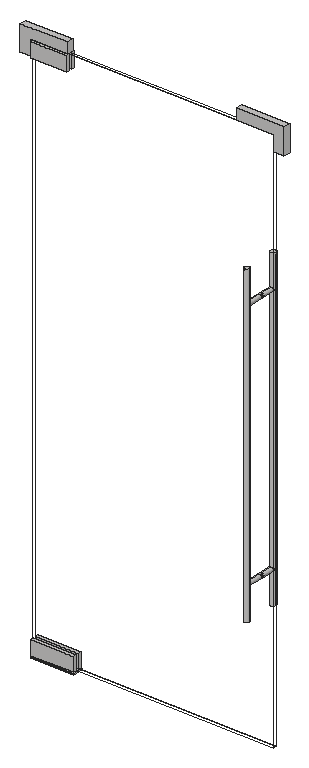
Revit family "Doors_Swing_Avanti_Systems_Pivot-Frameless-Single-Swing-Door-Sgl-Glazed", category Doors, Revit 2015 (continued)
Definition of nested family "Pivot Door Top Free Swing Pivot"
  Parameters (values of type "Glass Thickness 8.0 mm")
    Product Guid = "7bd65d41-e2c5-4b08-8bdf-08c516c9f22f"
    OmniClass Description = ""
    OmniClass Code = ""
    Nominal width = 6.5748"
    Nominal height = 2.20472"
    NBS Reference Description = ""
    NBS Reference Code = ""
    Model = "Top Hinge Unica 100E20"
    Material secondary = "Steel"
    Material main = "Aluminium"
    Masterformat 2014 Description = ""
    Masterformat 2014 Code = ""
    Manufacturer name = "Colcom"
    Manufacturer country = "Italy"
    Manufacturer = "Colcom"
    Keynote = "08700"
    Installation instructions = ""
    IFC Classification = ""
    Glass Thickness Control [instance] = 0.31496"
    Glass Thickness = 0"
    Edition number = 1
    EAN code = ""
    Design country = "Italy"
    Description = "Top hinge for Hydraulic Hinge 101E10/101E10NF/101E10SF/101E10L"
    Default Elevation = 0"
    Date of publishing = ""
    COBIe Type Category = ""
    Brand url = ""
    BIMobject main category code = ""
    BIMobject main category = ""
    BIMobject category code = ""
    BIMobject category = ""
    Assembly Code = "C1020410"
  Reference planes (in)
    plane 1 "Center (Front/Back)": y = 0
    plane 2: z = 0
    plane 3 "Center (Left/Right)": x = 0
    plane 4: y = 2.31496
    plane 5: y = -0.41339
    plane 6: y = 0.11024
    plane 7: x = 5.5
    plane 8: z = 0.45276
    plane 9: z = -0.31496
    plane 10: z = -0.76772
    plane 11: z = -0.15748
    plane 12: z = 0.6122
    plane 13: z = -0.92717
    plane 14: x = 4.24005
    plane 15: x = 0.20769
    plane 16: x = 5.09646
    plane 17: y = 1.73622
    plane 18: x = 4.3878
    plane 19: x = 2.22678
    plane 20: z = 0.46594
    plane 21: z = -0.7809
    plane 22: x = 1.60336
    plane 23: x = 2.85019
    plane 24: y = -1.59449
    plane 25: x = 0.72835
    plane 26: x = 3.72521
    plane 27: y = -0.80709
    plane 28: y = 1.98032
    plane 29: y = 0.60237
    plane 30: z = 0.25001
    plane 31: z = -0.56497
    plane 32: x = 5.53937
    plane 33: x = -0.03937
    plane 34: y = 1.2126
    plane 35: y = 0.41339
    plane 36: y = 0.68898
    plane 37: y = 2.23622
  Forms (in)
    Extrusion 1, solid
      sketch origin (0, 0, 0) x (1, 0, 0) y (0, 1, 0)
        loop
          line (-48, 48) -> (-48, -48) -> (48, -48) -> (48, 48) -> (-48, 48)
      from 0 to -12
    Extrusion 2, solid, material <- "Product Material"
      sketch origin (3.06299, -180, -0.5315) x (-1, 0, 0) y (0, -1, 0)
        loop
          line (-2.43701, -182.31496) -> (3.06299, -182.31496) -> (3.06299, -180.11024) -> (-2.43701, -180.11024) -> (-2.43701, -182.31496)
      from -0.23622 to 0.21654
    Extrusion 3, solid, material <- "Product Material"
      sketch origin (3.06299, -180, -0.5315) x (-1, 0, 0) y (0, -1, 0)
        loop
          line (-2.43701, -182.31496) -> (3.06299, -182.31496) -> (3.06299, -180.11024) -> (-2.43701, -180.11024) -> (-2.43701, -182.31496)
      from 0.5315 to 0.98425
    Extrusion 4, solid, material <- "Product Material"
      sketch origin (3.06299, -180, -0.5315) x (-1, 0, 0) y (0, -1, 0)
        loop
          line (2.85531, -182.31496) -> (2.85531, -180.68898) -> (-2.03346, -180.68898) -> (-2.03346, -182.31496) -> (2.85531, -182.31496)
      from 0.21654 to 0.5315
  Dimensions and locks (in)
    plane 5 to plane 1 "Center (Front/Back)" to plane 4 = 0.41339" locked, 2.31496" locked
    locked: plane 1 "Center (Front/Back)" to plane 6 at 0.11024
    locked: plane 8 to level at 0.45276
    locked: plane 9 to plane 10 at 0.45276
    "Glass Thickness Control": level to plane 9
    equal spacing: level, plane 11, plane 9
    plane 12 to plane 11 to plane 13 = 0.76969" locked, 0.76969" locked
    locked: plane 17 to plane 4 at 0.57874
    locked: plane 16 to plane 7 at 0.40354
    locked: plane 18 to plane 16 at 0.70866
    locked: plane 19 to plane 3 "Center (Left/Right)" at 2.22678
    plane 20 to plane 11 to plane 21 = 0.62342" locked, 0.62342" locked
    plane 22 to plane 19 to plane 23 = 0.62342" locked, 0.62342" locked
    locked: plane 24 to plane 5 at 1.1811
    locked: plane 15 to plane 25 at 0.52066
    locked: plane 26 to plane 14 at 0.51485
    locked: plane 24 to plane 27 at 0.7874
    plane 1 "Center (Front/Back)" to plane 29 to plane 17 = 0.60237", 1.13386"
    locked: plane 9 to plane 31 at 0.25001
    locked: plane 30 to level at 0.25001
    locked: plane 7 to plane 32 at 0.03937
    locked: plane 33 to plane 3 "Center (Left/Right)" at 0.03937
    equal spacing: plane 6, plane 34, plane 4
    locked: plane 36 to plane 6 at 0.57874
    locked: plane 37 to plane 4 at 0.07874
    Extrusion 3 to Extrusion 3 = 5 1/2"
    locked: plane 7 to plane 33 at 5.53937
    aligned and locked: plane 2 to Extrusion 1
    aligned and locked: level to Extrusion 1
    aligned and locked: Extrusion 2 sketch curve to plane 4
    aligned and locked: Extrusion 2 sketch curve to plane 3 "Center (Left/Right)"
    aligned and locked: Extrusion 2 sketch curve to plane 6
    aligned and locked: Extrusion 2 sketch curve to plane 7
    aligned and locked: Extrusion 3 sketch curve to plane 4
    aligned and locked: Extrusion 3 sketch curve to plane 3 "Center (Left/Right)"
    aligned and locked: Extrusion 3 sketch curve to plane 6
    aligned and locked: Extrusion 3 sketch curve to plane 7
    aligned and locked: Extrusion 3 to level
    aligned and locked: plane 8 to Extrusion 3
    aligned and locked: plane 9 to Extrusion 2
    aligned and locked: plane 10 to Extrusion 2
    aligned and locked: Extrusion 4 sketch curve to plane 16
    aligned and locked: Extrusion 4 sketch curve to plane 15
    aligned and locked: Extrusion 4 to plane 9
    aligned and locked: level to Extrusion 4
    aligned and locked: plane 4 to Extrusion 4 sketch curve
    aligned and locked: plane 36 to Extrusion 4 sketch curve
  Automatic sketch dimensions
    Extrusion 1 sketch curve to Extrusion 1 sketch curve = 96"  (x2)
Definition of nested family "Recessed Floor Closer - Elevation"
  Reference planes (in)
    plane 1 "Center (Front/Back)": y = 0
    plane 2: z = 0
    plane 3 "Center (Left/Right)": x = 0
  Lines and regions (in)
    model lines, in view "Ref. Level"
      curve 1: line (7.18456, 0, 0) -> (7.53314, 0, 0)
      curve 2: line (-2.0721, -0.11624, 0) -> (-3.00164, -0.11624, 0)
      curve 3: line (8.89669, -0.11624, 0) -> (8.38522, -0.11624, 0)
      curve 4: line (-1.84, 0, 0) -> (-1.55577, 0, 0)
      curve 5: line (-1.55577, 0, 0) -> (-1.49142, 0, 0)
      curve 6: arc (0.61969, 0, 0) -> (0.65371, -0.08219, 0) -> (0.73589, -0.11624, 0) r 0.11619
      curve 7: arc (-0.73589, -0.11624, 0) -> (-0.65372, -0.08221, 0) -> (-0.61969, -0.00005, 0) r 0.11619
      curve 8: line (8.32712, -0.11624, 0) -> (8.32712, -2.22707, 0)
      curve 9: line (8.32712, -2.22707, 0) -> (-2.014, -2.22707, 0)
      curve 10: line (-2.014, -2.22707, 0) -> (-2.014, -0.11624, 0)
      curve 11: arc (4.93697, -0.32926, 0) -> (5.02675, -0.36198, 0) -> (5.12145, -0.37467, 0) r 0.44269
      curve 12: arc (6.01869, -0.50358, 0) -> (5.97995, -0.40943, 0) -> (5.88426, -0.37467, 0) r 0.12595
      curve 13: arc (-0.98859, -2.01405, 0) -> (-1.01198, -1.96981, 0) -> (-1.05754, -1.9491, 0) r 0.07746
      curve 14: arc (2.23102, -1.9324, 0) -> (2.26915, -1.91661, 0) -> (2.28494, -1.87849, 0) r 0.05391
      curve 15: arc (-0.98859, -2.01405, 0) -> (-1.01198, -1.96981, 0) -> (-1.05754, -1.9491, 0) r 0.07746
      curve 16: line (4.05806, -1.49349, 0) -> (4.06976, -1.51341, 0)
      curve 17: line (4.05806, -1.40163, 0) -> (4.0949, -1.42913, 0)
      curve 18: line (2.3963, -1.87849, 0) -> (2.36082, -1.98804, 0)
      curve 19: line (2.33499, -2.01405, 0) -> (2.43976, -1.99686, 0)
      curve 20: line (2.43976, -1.99686, 0) -> (2.5209, -2.01405, 0)
      curve 21: line (2.36082, -1.98804, 0) -> (2.32981, -2.01405, 0)
      curve 22: line (2.3963, -1.87849, 0) -> (2.39485, -0.368, 0)
      curve 23: line (2.51583, -0.25184, 0) -> (2.51602, -0.2713, 0)
      curve 24: line (5.09475, -0.15497, 0) -> (5.12145, -0.1649, 0)
      curve 25: line (2.51583, -0.16218, 0) -> (2.51504, -0.15497, 0)
      curve 26: line (2.3111, -0.33011, 0) -> (2.32193, -0.3217, 0)
      curve 27: line (2.28494, -0.36799, 0) -> (2.3111, -0.33011, 0)
      curve 28: line (2.32193, -0.3217, 0) -> (2.39732, -0.2818, 0)
      curve 29: line (2.51602, -0.2713, 0) -> (2.47831, -0.28084, 0)
      curve 30: line (2.47228, -0.29053, 0) -> (2.39485, -0.36799, 0)
      curve 31: line (2.47228, -0.29053, 0) -> (2.39485, -0.368, 0)
      curve 32: line (4.93697, -0.32926, 0) -> (4.80856, -0.29053, 0)
      curve 33: line (5.86382, -1.53009, 0) -> (6.11965, -1.27426, 0)
      curve 34: line (5.94518, -0.29317, 0) -> (6.06391, -0.29317, 0)
      curve 35: line (6.09155, -0.29317, 0) -> (6.06391, -0.29317, 0)
      curve 36: line (6.11965, -0.30669, 0) -> (6.09155, -0.29317, 0)
      curve 37: line (7.11028, -0.16408, 0) -> (7.10882, -0.15646, 0)
      curve 38: line (4.06517, -1.85715, 0) -> (4.05806, -1.84734, 0)
      curve 39: line (5.91956, -0.16845, 0) -> (5.92391, -0.15497, 0)
      curve 40: line (-1.53415, -0.15497, 0) -> (-1.53612, -0.16371, 0)
      curve 41: line (5.86382, -1.42913, 0) -> (6.01869, -1.27426, 0)
      curve 42: line (5.94518, -0.29317, 0) -> (5.91956, -0.27169, 0)
      curve 43: line (4.06976, -1.51341, 0) -> (4.09028, -1.53009, 0)
      curve 44: line (4.06517, -1.87849, 0) -> (4.08977, -1.9324, 0)
      curve 45: line (7.08568, -1.9324, 0) -> (7.11028, -1.87849, 0)
      curve 46: arc (7.62029, -0.1356, 0) -> (7.61461, -0.12191, 0) -> (7.60092, -0.11624, 0) r 0.01937
      curve 47: arc (3.91178, -0.81339, 0) -> (3.90611, -0.7997, 0) -> (3.89241, -0.79403, 0) r 0.01937
      curve 48: arc (3.66003, -0.79403, 0) -> (3.64634, -0.7997, 0) -> (3.64066, -0.81339, 0) r 0.01937
      curve 49: arc (7.19425, -0.11624, 0) -> (7.18055, -0.12191, 0) -> (7.17488, -0.1356, 0) r 0.01937
      curve 50: arc (-1.89781, -1.83976, 0) -> (-1.87512, -1.89453, 0) -> (-1.82035, -1.91722, 0) r 0.07746
      curve 51: arc (-1.26843, -0.11624, 0) -> (-1.28213, -0.12191, 0) -> (-1.2878, -0.1356, 0) r 0.01937
      curve 52: arc (1.2878, -0.1356, 0) -> (1.28213, -0.12191, 0) -> (1.26843, -0.11624, 0) r 0.01937
      curve 53: arc (-1.26843, -0.11624, 0) -> (-1.28213, -0.12191, 0) -> (-1.2878, -0.1356, 0) r 0.01937
      curve 54: arc (3.53321, -1.82622, 0) -> (3.54456, -1.85361, 0) -> (3.57195, -1.86496, 0) r 0.03873
      curve 55: arc (4.05806, -1.35947, 0) -> (4.04672, -1.33209, 0) -> (4.01933, -1.32074, 0) r 0.03873
      curve 56: arc (3.57195, -1.32074, 0) -> (3.54456, -1.33209, 0) -> (3.53321, -1.35947, 0) r 0.03873
      curve 57: line (7.59124, -0.30989, 0) -> (7.62029, -0.30989, 0)
      curve 58: line (7.62029, -0.30989, 0) -> (7.62029, -0.1356, 0)
      curve 59: line (7.62029, -0.1356, 0) -> (7.62029, -0.30989, 0)
      curve 60: line (7.60092, -0.11624, 0) -> (7.48666, -0.11624, 0)
      curve 61: line (3.68327, -1.86689, 0) -> (3.68327, -2.22707, 0)
      curve 62: line (3.68327, -2.22707, 0) -> (3.86918, -2.22707, 0)
      curve 63: line (3.86918, -2.22707, 0) -> (3.86918, -1.86689, 0)
      curve 64: line (3.89241, -0.94895, 0) -> (3.89241, -0.97914, 0)
      curve 65: line (3.89241, -0.97914, 0) -> (3.89241, -1.32074, 0)
      curve 66: line (4.01933, -1.32074, 0) -> (3.89241, -1.32074, 0)
      curve 67: line (3.89241, -1.32074, 0) -> (3.66003, -1.32074, 0)
      curve 68: line (3.66003, -1.32074, 0) -> (3.66003, -0.97914, 0)
      curve 69: line (3.66003, -0.97914, 0) -> (3.66003, -0.94895, 0)
      curve 70: line (3.89241, -0.79403, 0) -> (3.81495, -0.79403, 0)
      curve 71: line (3.81495, -0.79403, 0) -> (3.80527, -0.85212, 0)
      curve 72: line (3.80527, -0.85212, 0) -> (3.74717, -0.85212, 0)
      curve 73: line (3.74717, -0.85212, 0) -> (3.73749, -0.79403, 0)
      curve 74: line (3.73749, -0.79403, 0) -> (3.66003, -0.79403, 0)
      curve 75: line (3.64066, -0.81339, 0) -> (3.64066, -0.94895, 0)
      curve 76: line (3.64066, -0.94895, 0) -> (3.91178, -0.94895, 0)
      curve 77: line (3.91178, -0.94895, 0) -> (3.91178, -0.81339, 0)
      curve 78: line (7.20393, -0.17433, 0) -> (7.22329, -0.17433, 0)
      curve 79: line (7.22329, -0.17433, 0) -> (7.59124, -0.17433, 0)
      curve 80: line (7.59124, -0.17433, 0) -> (7.59124, -0.32926, 0)
      curve 81: line (7.59124, -0.32926, 0) -> (7.23298, -0.32926, 0)
      curve 82: line (7.23298, -0.32926, 0) -> (7.20393, -0.32926, 0)
      curve 83: line (7.20393, -0.32926, 0) -> (7.20393, -0.17433, 0)
      curve 84: line (7.19425, -0.40672, 0) -> (7.23298, -0.40672, 0)
      curve 85: line (7.23298, -0.40672, 0) -> (7.64933, -0.40672, 0)
      curve 86: line (7.64933, -0.40672, 0) -> (7.64933, -0.32926, 0)
      curve 87: line (7.64933, -0.32926, 0) -> (7.23298, -0.32926, 0)
      curve 88: line (7.23298, -0.32926, 0) -> (7.19425, -0.32926, 0)
      curve 89: line (7.19425, -0.32926, 0) -> (7.14583, -0.32926, 0)
      curve 90: line (7.14583, -0.32926, 0) -> (7.14583, -0.40672, 0)
      curve 91: line (7.14583, -0.40672, 0) -> (7.19425, -0.40672, 0)
      curve 92: line (7.19425, -0.40672, 0) -> (7.23298, -0.40672, 0)
      curve 93: line (7.23298, -0.40672, 0) -> (7.52346, -0.40672, 0)
      curve 94: line (7.17488, -0.1356, 0) -> (7.17488, -0.30989, 0)
      curve 95: line (7.17488, -0.30989, 0) -> (7.20393, -0.30989, 0)
      curve 96: line (7.55251, -0.11624, 0) -> (7.46343, -0.11624, 0)
      curve 97: line (7.26203, -1.10387, 0) -> (7.26203, -0.96057, 0)
      curve 98: line (7.26203, -0.96057, 0) -> (7.11872, -0.96057, 0)
      curve 99: line (7.11872, -0.96057, 0) -> (7.11872, -0.40672, 0)
      curve 100: line (7.11872, -0.40672, 0) -> (7.24266, -0.40672, 0)
      curve 101: line (7.24266, -0.40672, 0) -> (7.43631, -0.40672, 0)
      curve 102: line (7.43631, -0.40672, 0) -> (7.64933, -0.40672, 0)
      curve 103: line (7.64933, -0.40672, 0) -> (7.64933, -1.80103, 0)
      curve 104: line (7.64933, -1.80103, 0) -> (7.43631, -1.97532, 0)
      curve 105: line (7.43631, -1.97532, 0) -> (7.11872, -1.97532, 0)
      curve 106: line (7.11872, -1.97532, 0) -> (7.11872, -1.56864, 0)
      curve 107: line (7.11872, -1.56864, 0) -> (7.26203, -1.56864, 0)
      curve 108: line (7.26203, -1.56864, 0) -> (7.26203, -0.96057, 0)
      curve 109: line (7.43631, -1.97532, 0) -> (7.43631, -0.52291, 0)
      curve 110: line (7.43631, -0.52291, 0) -> (7.64933, -0.52291, 0)
      curve 111: line (7.43631, -0.52291, 0) -> (7.24266, -0.52291, 0)
      curve 112: line (7.24266, -0.52291, 0) -> (7.11872, -0.52291, 0)
      curve 113: line (7.1652, -1.56864, 0) -> (7.1652, -0.96057, 0)
      curve 114: line (-1.83971, -0.48418, 0) -> (-1.83971, -1.10387, 0)
      curve 115: line (-1.83971, -1.10387, 0) -> (-1.83971, -1.85912, 0)
      curve 116: line (-1.83971, -1.85912, 0) -> (-1.52987, -1.85912, 0)
      curve 117: line (-1.52987, -1.85912, 0) -> (-1.52987, -1.91722, 0)
      curve 118: line (-1.52987, -1.91722, 0) -> (-1.60249, -1.91722, 0)
      curve 119: line (-1.60249, -1.91722, 0) -> (-1.82035, -1.91722, 0)
      curve 120: line (-1.89781, -1.83976, 0) -> (-1.89781, -1.15132, 0)
      curve 121: line (-1.89781, -1.15132, 0) -> (-1.89781, -1.10387, 0)
      curve 122: line (-1.89781, -1.10387, 0) -> (-1.89781, -0.49386, 0)
      curve 123: line (-1.89781, -0.49386, 0) -> (-1.89781, -0.48418, 0)
      curve 124: line (-1.89781, -0.48418, 0) -> (-1.83971, -0.48418, 0)
      curve 125: line (-1.83971, -0.48418, 0) -> (-1.83971, -0.5384, 0)
      curve 126: line (-1.2878, -0.1356, 0) -> (-1.2878, -0.15497, 0)
      curve 127: line (-0.73589, -0.11624, 0) -> (0, -0.11624, 0)
      curve 128: line (0, -0.11624, 0) -> (0.73589, -0.11624, 0)
      curve 129: line (1.2878, -0.15497, 0) -> (1.2878, -0.1356, 0)
      curve 130: line (-0.74557, -0.11624, 0) -> (-1.26843, -0.11624, 0)
      curve 131: line (3.53321, -1.82622, 0) -> (3.53321, -1.35947, 0)
      curve 132: line (3.57195, -1.86496, 0) -> (3.66003, -1.86496, 0)
      curve 133: line (3.66003, -1.86496, 0) -> (3.89241, -1.86496, 0)
      curve 134: line (3.89241, -1.86496, 0) -> (4.05806, -1.86496, 0)
      curve 135: line (4.05806, -1.86496, 0) -> (4.05806, -1.85445, 0)
      curve 136: line (4.05806, -1.84734, 0) -> (4.05806, -1.85445, 0)
      curve 137: line (4.05806, -1.85445, 0) -> (4.05806, -1.49349, 0)
      curve 138: line (4.05806, -1.49349, 0) -> (4.05806, -1.40163, 0)
      curve 139: line (4.05806, -1.40163, 0) -> (4.05806, -1.38844, 0)
      curve 140: line (4.05806, -1.38844, 0) -> (4.05806, -1.35947, 0)
      curve 141: line (3.66003, -1.32074, 0) -> (3.57195, -1.32074, 0)
      curve 142: line (5.12145, -0.37467, 0) -> (5.12145, -0.1649, 0)
      curve 143: line (5.12145, -0.1649, 0) -> (5.12145, -0.37467, 0)
      curve 144: line (5.12145, -0.37467, 0) -> (5.86772, -0.37467, 0)
      curve 145: line (5.86772, -0.37467, 0) -> (5.88426, -0.37467, 0)
      curve 146: line (6.01869, -0.50358, 0) -> (6.01869, -1.27426, 0)
      curve 147: line (6.01869, -1.27426, 0) -> (6.01869, -0.50358, 0)
      curve 148: line (3.68327, -2.01405, 0) -> (2.55854, -2.01405, 0)
      curve 149: line (2.55854, -2.01405, 0) -> (2.5209, -2.01405, 0)
      curve 150: line (-0.98859, -2.01405, 0) -> (2.23102, -2.01405, 0)
      curve 151: line (2.23102, -2.01405, 0) -> (2.306, -2.01405, 0)
      curve 152: line (2.306, -2.01405, 0) -> (2.32981, -2.01405, 0)
      curve 153: line (2.28494, -1.87849, 0) -> (2.28494, -0.36799, 0)
      curve 154: line (2.51583, -0.25184, 0) -> (2.51583, -0.16218, 0)
      curve 155: line (5.86772, -0.15497, 0) -> (5.10856, -0.15497, 0)
      curve 156: line (5.10856, -0.15497, 0) -> (5.09475, -0.15497, 0)
      curve 157: line (5.09475, -0.15497, 0) -> (5.0365, -0.15497, 0)
      curve 158: line (5.0365, -0.15497, 0) -> (5.02826, -0.15497, 0)
      curve 159: line (5.02826, -0.15497, 0) -> (4.93742, -0.15497, 0)
      curve 160: line (4.93742, -0.15497, 0) -> (4.93697, -0.32926, 0)
      curve 161: line (4.80856, -0.29053, 0) -> (4.74402, -0.29053, 0)
      curve 162: line (4.74402, -0.29053, 0) -> (4.73572, -0.29053, 0)
      curve 163: line (4.73572, -0.29053, 0) -> (2.81287, -0.29053, 0)
      curve 164: line (2.81287, -0.29053, 0) -> (2.55113, -0.29053, 0)
      curve 165: line (2.55113, -0.29053, 0) -> (2.49738, -0.29053, 0)
      curve 166: line (2.49738, -0.29053, 0) -> (2.47228, -0.29053, 0)
      curve 167: line (2.47228, -0.29053, 0) -> (2.46333, -0.29053, 0)
      curve 168: line (4.93742, -0.15497, 0) -> (4.73572, -0.15497, 0)
      curve 169: line (4.73572, -0.15691, 0) -> (2.7403, -0.15691, 0)
      curve 170: line (2.7403, -0.15497, 0) -> (2.51504, -0.15497, 0)
      curve 171: line (2.51504, -0.15497, 0) -> (2.4564, -0.15497, 0)
      curve 172: line (2.4564, -0.15497, 0) -> (2.44879, -0.15497, 0)
      curve 173: line (2.44879, -0.15497, 0) -> (2.39732, -0.15497, 0)
      curve 174: line (6.11965, -0.30669, 0) -> (6.11965, -0.31568, 0)
      curve 175: line (6.11965, -0.31568, 0) -> (6.11965, -1.27426, 0)
      curve 176: line (-1.60733, -0.15497, 0) -> (-1.60733, -0.8133, 0)
      curve 177: line (-1.60733, -0.8133, 0) -> (-1.72352, -0.8133, 0)
      curve 178: line (-1.72352, -0.8133, 0) -> (-1.73901, -0.8133, 0)
      curve 179: line (2.23102, -1.9324, 0) -> (-1.22785, -1.9324, 0)
      curve 180: line (-1.22785, -1.9324, 0) -> (-1.05754, -1.9491, 0)
      curve 181: line (-1.05754, -1.9491, 0) -> (-1.22785, -1.9324, 0)
      curve 182: line (-1.22785, -1.9324, 0) -> (-1.5105, -1.90469, 0)
      curve 183: line (-1.5105, -1.90469, 0) -> (-1.5105, -1.85912, 0)
      curve 184: line (-1.5105, -1.85912, 0) -> (-1.60733, -1.85912, 0)
      curve 185: line (-1.60733, -1.85912, 0) -> (-1.60733, -1.00695, 0)
      curve 186: line (-1.60733, -1.00695, 0) -> (-1.72352, -1.00695, 0)
      curve 187: line (-1.72352, -1.00695, 0) -> (-1.73901, -1.00695, 0)
      curve 188: line (-1.73901, -1.00695, 0) -> (-1.73901, -1.40588, 0)
      curve 189: line (-1.73901, -1.40588, 0) -> (-1.8152, -1.40588, 0)
      curve 190: line (-1.8152, -1.40588, 0) -> (-1.83971, -1.40588, 0)
      curve 191: line (-1.83971, -1.40588, 0) -> (-1.83971, -1.41574, 0)
      curve 192: line (-1.83971, -1.41574, 0) -> (-1.83971, -1.85912, 0)
      curve 193: line (-1.83971, -1.85912, 0) -> (-1.72836, -1.85912, 0)
      curve 194: line (-1.72836, -1.85912, 0) -> (-1.60733, -1.85912, 0)
      curve 195: line (-1.60733, -0.8133, 0) -> (-1.54923, -0.8133, 0)
      curve 196: line (-1.54923, -0.8133, 0) -> (-1.53612, -0.8133, 0)
      curve 197: line (-1.53612, -1.85912, 0) -> (-1.53612, -0.16371, 0)
      curve 198: line (2.39732, -0.2818, 0) -> (2.39732, -0.15497, 0)
      curve 199: line (2.39732, -0.15497, 0) -> (1.39431, -0.15497, 0)
      curve 200: line (1.39431, -0.15497, 0) -> (0.51053, -0.15497, 0)
      curve 201: line (0.51053, -0.15497, 0) -> (0.51053, -0.23243, 0)
      curve 202: line (0.51053, -0.23243, 0) -> (-0.51053, -0.23243, 0)
      curve 203: line (-0.51053, -0.23243, 0) -> (-0.51053, -0.15497, 0)
      curve 204: line (-1.73901, -1.00695, 0) -> (-1.73901, -0.8133, 0)
      curve 205: line (-1.73901, -0.8133, 0) -> (-1.83971, -0.8133, 0)
      curve 206: line (-1.83971, -0.8133, 0) -> (-1.83971, -0.46472, 0)
      curve 207: line (-1.83971, -0.46472, 0) -> (-1.89781, -0.46472, 0)
      curve 208: line (-1.89781, -0.46472, 0) -> (-1.89781, -0.15875, 0)
      curve 209: line (-1.89781, -0.15875, 0) -> (-1.60733, -0.15497, 0)
      curve 210: line (-1.60733, -0.15497, 0) -> (-1.54854, -0.15497, 0)
      curve 211: line (-1.54854, -0.15497, 0) -> (-1.53415, -0.15497, 0)
      curve 212: line (-1.53415, -0.15497, 0) -> (-1.39431, -0.15497, 0)
      curve 213: line (-1.39431, -0.15497, 0) -> (-0.51053, -0.15497, 0)
      curve 214: line (-1.60733, -1.00695, 0) -> (-1.54923, -1.00695, 0)
      curve 215: line (-1.54923, -1.00695, 0) -> (-1.53612, -1.00695, 0)
      curve 216: line (7.11028, -1.87849, 0) -> (7.11028, -0.16408, 0)
      curve 217: line (5.86772, -0.37467, 0) -> (5.86772, -0.1649, 0)
      curve 218: line (5.86772, -0.1649, 0) -> (5.86772, -0.15497, 0)
      curve 219: line (5.86772, -0.15497, 0) -> (5.9086, -0.15497, 0)
      curve 220: line (5.9086, -0.15497, 0) -> (5.92391, -0.15497, 0)
      curve 221: line (5.92391, -0.15497, 0) -> (7.10815, -0.15497, 0)
      curve 222: line (7.10815, -0.15497, 0) -> (7.11543, -0.15497, 0)
      curve 223: line (7.11543, -0.15497, 0) -> (7.11872, -0.16524, 0)
      curve 224: line (5.86382, -1.53009, 0) -> (5.33754, -1.53009, 0)
      curve 225: line (5.33754, -1.53009, 0) -> (5.08104, -1.53009, 0)
      curve 226: line (5.08104, -1.53009, 0) -> (4.95588, -1.53009, 0)
      curve 227: line (4.95588, -1.53009, 0) -> (4.09028, -1.53009, 0)
      curve 228: line (4.06517, -1.85715, 0) -> (4.06517, -1.87849, 0)
      curve 229: line (4.0949, -1.42913, 0) -> (4.95357, -1.42913, 0)
      curve 230: line (4.95357, -1.42913, 0) -> (5.86382, -1.42913, 0)
      curve 231: line (5.91956, -0.27169, 0) -> (5.91956, -0.16845, 0)
      curve 232: line (4.08977, -1.9324, 0) -> (7.08568, -1.9324, 0)
      curve 233: line (7.11872, -0.16524, 0) -> (7.11872, -1.87849, 0)
      curve 234: line (7.11872, -1.87849, 0) -> (7.11872, -2.01405, 0)
      curve 235: line (7.11872, -2.01405, 0) -> (7.08706, -2.01405, 0)
      curve 236: line (3.86918, -2.01405, 0) -> (7.08706, -2.01405, 0)
      curve 237: line (-1.51885, -2.22707, 0) -> (-1.51885, -1.85696, 0)
      curve 238: line (-1.70476, -1.91722, 0) -> (-1.70476, -2.22707, 0)
      curve 239: line (-3.00164, -0.11624, 0) -> (-1.80592, -0.11624, 0)
      curve 240: line (-1.80592, -0.11624, 0) -> (-1.59338, -0.11624, 0)
      curve 241: line (-1.59338, -0.11624, 0) -> (-1.5255, -0.11624, 0)
      curve 242: line (-1.5255, -0.11624, 0) -> (-0.76493, -0.11624, 0)
      curve 243: line (7.21864, -0.11624, 0) -> (0.7262, -0.11624, 0)
      curve 244: line (0.7262, -0.11624, 0) -> (7.21864, -0.11624, 0)
      curve 245: line (7.21864, -0.11624, 0) -> (7.43199, -0.11624, 0)
      curve 246: line (7.43199, -0.11624, 0) -> (7.49906, -0.11624, 0)
      curve 247: line (7.49906, -0.11624, 0) -> (8.89669, -0.11624, 0)
      curve 248: line (7.62029, -0.11624, 0) -> (8.32712, -0.11624, 0)
      curve 249: line (8.32712, -0.11624, 0) -> (8.38522, -0.11624, 0)
      curve 250: line (-2.0721, -0.11624, 0) -> (-2.014, -0.11624, 0)
      curve 251: line (-2.014, -0.11624, 0) -> (-1.8339, -0.11624, 0)
      curve 252: arc (0.42023, 0.12764, 0) -> (0.43163, 0.10388, 0) -> (0.4571, 0.09713, 0) r 0.03147
      curve 253: arc (-0.4571, 0.09713, 0) -> (-0.43163, 0.10388, 0) -> (-0.42023, 0.12764, 0) r 0.03147
      curve 254: arc (0.61969, -0.00005, 0) -> (0.60835, 0.02734, 0) -> (0.58096, 0.03869, 0) r 0.03873
      curve 255: arc (-0.58096, 0.03869, 0) -> (-0.60835, 0.02734, 0) -> (-0.61969, -0.00005, 0) r 0.03873
      curve 256: line (0.48414, 0.03869, 0) -> (0.48414, 0.0503, 0)
      curve 257: line (0.48414, 0.0503, 0) -> (0.4571, 0.09713, 0)
      curve 258: line (-0.48414, 0.03869, 0) -> (-0.48414, 0.0503, 0)
      curve 259: line (-0.48414, 0.0503, 0) -> (-0.4571, 0.09713, 0)
      curve 260: line (0.42023, 0.12764, 0) -> (0.42023, 0.3098, 0)
      curve 261: line (0.42023, 0.3098, 0) -> (0.42023, 0.55175, 0)
      curve 262: line (0.42023, 0.55175, 0) -> (0.38438, 0.75509, 0)
      curve 263: line (0.38438, 0.75509, 0) -> (0.34564, 0.79382, 0)
      curve 264: line (0.34564, 0.79382, 0) -> (0.27875, 0.79382, 0)
      curve 265: line (0.27875, 0.79382, 0) -> (0.06197, 0.79382, 0)
      curve 266: line (0.06197, 0.79382, 0) -> (-0.06197, 0.79382, 0)
      curve 267: line (-0.06197, 0.79382, 0) -> (-0.27875, 0.79382, 0)
      curve 268: line (-0.27875, 0.79382, 0) -> (-0.34564, 0.79382, 0)
      curve 269: line (-0.34564, 0.79382, 0) -> (-0.38438, 0.75509, 0)
      curve 270: line (-0.38438, 0.75509, 0) -> (-0.42023, 0.55175, 0)
      curve 271: line (-0.42023, 0.55175, 0) -> (-0.42023, 0.3098, 0)
      curve 272: line (-0.42023, 0.3098, 0) -> (-0.42023, 0.12764, 0)
      curve 273: line (-0.58096, 0.03869, 0) -> (0, 0.03869, 0)
      curve 274: line (0, 0.03869, 0) -> (0.58096, 0.03869, 0)
      curve 275: line (-3.00164, 0, 0) -> (-1.84, 0, 0)
      curve 276: line (-1.49142, 0, 0) -> (-0.75525, 0, 0)
      curve 277: line (-0.75525, 0, 0) -> (-0.61969, 0, 0)
      curve 278: line (0.61969, 0, 0) -> (0.71652, 0, 0)
      curve 279: line (0.71652, 0, 0) -> (7.18456, 0, 0)
      curve 280: line (8.89669, -0.11624, 0) -> (8.90808, -0.05927, 0)
      curve 281: line (8.90808, -0.05927, 0) -> (8.52653, 0, 0)
      curve 282: line (8.52653, 0, 0) -> (7.53314, 0, 0)
      curve 283: line (8.38522, -0.11624, 0) -> (8.38522, -2.28516, 0)
      curve 284: line (8.38522, -2.28516, 0) -> (-2.0721, -2.28516, 0)
      curve 285: line (-2.0721, -2.28516, 0) -> (-2.0721, -0.11624, 0)
      curve 286: line (7.2869, -0.11624, 0) -> (7.19425, -0.11624, 0)
      curve 287: line (1.26843, -0.11624, 0) -> (0.74557, -0.11624, 0)
      curve 288: line (0.74557, -0.11624, 0) -> (0.73589, -0.11624, 0)
      curve 289: line (-0.73589, -0.11624, 0) -> (-0.74557, -0.11624, 0)
      curve 290: line (-1.70476, -2.22707, 0) -> (-1.51885, -2.22707, 0)
      curve 291: line (-3.00164, 0, 0) -> (-3.00164, -0.11624, 0)
      curve 292: line (-3.00164, -0.0581, 0) -> (-1.86406, -0.0581, 0)
      curve 293: line (-1.86406, -0.0581, 0) -> (-1.80592, -0.11624, 0)
      curve 294: line (-1.80592, -0.11624, 0) -> (-1.76254, -0.07746, 0)
      curve 295: line (-1.76254, -0.07746, 0) -> (-1.84, 0, 0)
      curve 296: line (-0.63523, -0.0581, 0) -> (-0.75525, -0.0581, 0)
      curve 297: line (-0.75525, -0.0581, 0) -> (-0.75525, 0, 0)
      curve 298: line (-0.75525, 0, 0) -> (-0.75525, -0.0581, 0)
      curve 299: line (-0.75525, -0.0581, 0) -> (-1.46736, -0.0581, 0)
      curve 300: line (-1.46736, -0.0581, 0) -> (-1.5255, -0.11624, 0)
      curve 301: line (-1.5278, -0.11624, 0) -> (-1.56888, -0.07746, 0)
      curve 302: line (-1.56888, -0.07746, 0) -> (-1.49142, 0, 0)
      curve 303: line (0.63523, -0.0581, 0) -> (0.71652, -0.0581, 0)
      curve 304: line (0.71652, -0.0581, 0) -> (0.71652, 0, 0)
      curve 305: line (7.53314, 0, 0) -> (7.45568, -0.07746, 0)
      curve 306: line (7.45568, -0.07746, 0) -> (7.49906, -0.11624, 0)
      curve 307: line (7.49906, -0.11624, 0) -> (7.55721, -0.0581, 0)
      curve 308: line (7.55721, -0.0581, 0) -> (8.52078, -0.0581, 0)
      curve 309: line (8.52078, -0.0581, 0) -> (8.89669, -0.11624, 0)
      curve 310: line (7.18456, 0, 0) -> (7.26203, -0.07746, 0)
      curve 311: line (7.26203, -0.07746, 0) -> (7.21864, -0.11624, 0)
      curve 312: line (7.21864, -0.11624, 0) -> (7.1605, -0.0581, 0)
      curve 313: line (7.1605, -0.0581, 0) -> (0.71652, -0.0581, 0)
Definition of nested family "Recessed Floor Closer - Section"
  Reference planes (in)
    plane 1 "Center (Front/Back)": y = 0
    plane 2: z = 0
    plane 3 "Center (Left/Right)": x = 0
  Lines and regions (in)
    model lines, in view "Ref. Level"
      curve 1: line (0.74557, 0, 0) -> (0.73589, 0, 0)
      curve 2: line (-0.73589, 0, 0) -> (-0.74557, 0, 0)
      curve 3: line (1.54923, 0, 0) -> (2.13019, 0, 0)
      curve 4: line (-2.13019, 0, 0) -> (-1.54923, 0, 0)
      curve 5: arc (0.21751, 0.13296, 0) -> (0.21284, 0.1349, 0) -> (0.20783, 0.13556, 0) r 0.01937
      curve 6: arc (-0.20783, 0.13556, 0) -> (-0.21284, 0.1349, 0) -> (-0.21751, 0.13296, 0) r 0.01937
      curve 7: arc (0.61969, 0.11619, 0) -> (0.65372, 0.03403, 0) -> (0.73589, 0, 0) r 0.11619
      curve 8: arc (-0.73589, 0, 0) -> (-0.65372, 0.03403, 0) -> (-0.61969, 0.11619, 0) r 0.11619
      curve 9: line (0.20783, 0.13556, 0) -> (0.17424, 0.13556, 0)
      curve 10: line (0.17424, 0.13556, 0) -> (-0.10929, 0.13556, 0)
      curve 11: line (-0.10929, 0.13556, 0) -> (-0.17424, 0.13556, 0)
      curve 12: line (-0.17424, 0.13556, 0) -> (-0.20783, 0.13556, 0)
      curve 13: line (-0.2801, 0.09683, 0) -> (-0.21751, 0.13296, 0)
      curve 14: line (0.21751, 0.13296, 0) -> (0.2801, 0.09683, 0)
      curve 15: line (-1.49114, -1.99464, 0) -> (-1.49114, -0.61969, 0)
      curve 16: line (-1.49114, -0.61969, 0) -> (-1.49114, 0, 0)
      curve 17: line (-1.49114, 0, 0) -> (0, 0, 0)
      curve 18: line (0, 0, 0) -> (1.54923, 0, 0)
      curve 19: line (0.48414, 0.18591, 0) -> (0.07851, 0.18591, 0)
      curve 20: line (-0.21706, 0.68735, 0) -> (0.21706, 0.68735, 0)
      curve 21: line (0.16731, 0.18591, 0) -> (-0.48414, 0.18591, 0)
      curve 22: line (-0.23545, 0.26324, 0) -> (0.23928, 0.26324, 0)
      curve 23: line (1.37494, -2.11083, 0) -> (-1.37494, -2.11083, 0)
      curve 24: line (-1.54923, 0, 0) -> (-0.62341, 0, 0)
      curve 25: line (1.49114, 0, 0) -> (1.49114, -0.61969, 0)
      curve 26: line (1.49114, -0.61969, 0) -> (1.49114, -1.60733, 0)
      curve 27: line (1.49114, -1.60733, 0) -> (1.49114, -1.99464, 0)
      curve 28: arc (1.37494, -2.11083, 0) -> (1.4571, -2.0768, 0) -> (1.49114, -1.99464, 0) r 0.11619
      curve 29: arc (-1.49114, -1.99464, 0) -> (-1.4571, -2.0768, 0) -> (-1.37494, -2.11083, 0) r 0.11619
      curve 30: arc (1.22724, -1.89781, 0) -> (1.26353, -1.87002, 0) -> (1.29014, -1.83286, 0) r 0.15492
      curve 31: arc (1.29014, -1.83286, 0) -> (1.29406, -1.82462, 0) -> (1.29748, -1.81616, 0) r 0.15492
      curve 32: arc (-1.29748, -1.81616, 0) -> (-1.29406, -1.82462, 0) -> (-1.29014, -1.83286, 0) r 0.15492
      curve 33: arc (-1.29014, -1.83286, 0) -> (-1.26353, -1.87003, 0) -> (-1.22724, -1.89781, 0) r 0.15492
      curve 34: line (-1.22513, -1.78276, 0) -> (-1.26843, -1.78465, 0)
      curve 35: line (-1.29748, -1.78594, 0) -> (-1.26843, -1.78465, 0)
      curve 36: line (1.26843, -1.78465, 0) -> (1.29748, -1.78594, 0)
      curve 37: line (1.26843, -1.78465, 0) -> (1.22513, -1.78276, 0)
      curve 38: arc (-1.26843, 0, 0) -> (-1.28213, -0.00567, 0) -> (-1.2878, -0.01937, 0) r 0.01937
      curve 39: arc (1.2878, -0.01937, 0) -> (1.28213, -0.00567, 0) -> (1.26843, 0, 0) r 0.01937
      curve 40: arc (1.2878, -0.01937, 0) -> (1.28213, -0.00567, 0) -> (1.26843, 0, 0) r 0.01937
      curve 41: line (1.09995, -2.11083, 0) -> (1.09995, -1.89781, 0)
      curve 42: line (0.91405, -1.89781, 0) -> (0.91405, -2.11083, 0)
      curve 43: line (-1.09995, -1.89781, 0) -> (-1.09995, -2.11083, 0)
      curve 44: line (-0.91405, -2.11083, 0) -> (-0.91405, -1.89781, 0)
      curve 45: line (-1.29014, -1.83286, 0) -> (1.29014, -1.83286, 0)
      curve 46: line (-1.16192, -0.69706, 0) -> (-1.21034, -0.69706, 0)
      curve 47: line (-1.21034, -0.69706, 0) -> (-1.21034, -0.34849, 0)
      curve 48: line (-1.21034, -0.34849, 0) -> (-1.21034, -0.04251, 0)
      curve 49: line (-1.16192, -1.78276, 0) -> (-1.22513, -1.78276, 0)
      curve 50: line (-1.22513, -1.78276, 0) -> (-1.22513, -1.74289, 0)
      curve 51: line (-1.22513, -1.74289, 0) -> (-1.21034, -1.74289, 0)
      curve 52: line (-1.21034, -1.74289, 0) -> (-1.21034, -1.28964, 0)
      curve 53: line (-1.29748, -1.81616, 0) -> (-1.29748, -1.78594, 0)
      curve 54: line (-1.29748, -1.78594, 0) -> (-1.29748, -1.2895, 0)
      curve 55: line (-1.29748, -1.2895, 0) -> (-1.29748, -1.07662, 0)
      curve 56: line (-1.29748, -1.07662, 0) -> (-1.29748, -0.9217, 0)
      curve 57: line (-1.29748, -0.9217, 0) -> (-1.29748, -0.70868, 0)
      curve 58: line (-1.29748, -0.70868, 0) -> (-1.29748, -0.69706, 0)
      curve 59: line (-1.29748, -0.69706, 0) -> (-1.29748, -0.03873, 0)
      curve 60: line (-1.29748, -0.03873, 0) -> (1.29748, -0.03873, 0)
      curve 61: line (1.29748, -0.03873, 0) -> (1.29748, -0.69706, 0)
      curve 62: line (1.29748, -0.69706, 0) -> (1.21034, -0.69706, 0)
      curve 63: line (1.21034, -0.69706, 0) -> (1.16192, -0.69706, 0)
      curve 64: line (1.21034, -1.28964, 0) -> (1.21034, -1.74289, 0)
      curve 65: line (1.21034, -1.74289, 0) -> (1.16192, -1.74289, 0)
      curve 66: line (1.21034, -1.74289, 0) -> (1.22513, -1.74289, 0)
      curve 67: line (1.22513, -1.74289, 0) -> (1.22513, -1.78276, 0)
      curve 68: line (1.22513, -1.78276, 0) -> (1.16192, -1.78276, 0)
      curve 69: line (-1.16192, -1.74289, 0) -> (-1.21034, -1.74289, 0)
      curve 70: line (1.21034, -0.04251, 0) -> (1.21034, -0.05069, 0)
      curve 71: line (1.21034, -0.05069, 0) -> (1.21034, -0.34849, 0)
      curve 72: line (1.21034, -0.34849, 0) -> (-1.21034, -0.34849, 0)
      curve 73: line (1.21034, -0.34849, 0) -> (1.21034, -0.69706, 0)
      curve 74: line (-1.22724, -1.89781, 0) -> (1.22724, -1.89781, 0)
      curve 75: line (1.16192, -0.38731, 0) -> (1.16192, -1.82035, 0)
      curve 76: line (1.16192, -1.82035, 0) -> (-1.16192, -1.82035, 0)
      curve 77: line (-1.16192, -1.82035, 0) -> (-1.16192, -0.38731, 0)
      curve 78: line (-1.16192, -0.38731, 0) -> (1.16192, -0.38731, 0)
      curve 79: line (-1.2878, -0.01937, 0) -> (-1.2878, -0.03873, 0)
      curve 80: line (1.2878, -0.03873, 0) -> (1.2878, -0.01937, 0)
      curve 81: line (1.29748, -1.81616, 0) -> (1.29748, -1.78594, 0)
      curve 82: line (1.29748, -1.78594, 0) -> (1.29748, -1.28964, 0)
      curve 83: line (1.29748, -1.28964, 0) -> (1.29748, -1.07662, 0)
      curve 84: line (1.29748, -1.07662, 0) -> (1.29748, -0.9217, 0)
      curve 85: line (1.29748, -0.9217, 0) -> (1.29748, -0.70868, 0)
      curve 86: line (1.29748, -0.70868, 0) -> (1.29748, -0.69706, 0)
      curve 87: line (1.42191, -0.70868, 0) -> (1.45235, -1.28964, 0)
      curve 88: line (1.16192, -0.70868, 0) -> (1.46069, -0.70868, 0)
      curve 89: line (1.46069, -0.70868, 0) -> (1.49114, -1.28964, 0)
      curve 90: line (1.49114, -1.28964, 0) -> (1.16192, -1.28964, 0)
      curve 91: line (-1.16192, -0.70868, 0) -> (-1.46069, -0.70868, 0)
      curve 92: line (-1.46069, -0.70868, 0) -> (-1.49114, -1.28964, 0)
      curve 93: line (-1.49114, -1.28964, 0) -> (-1.16192, -1.28964, 0)
      curve 94: line (-1.21034, -0.69706, 0) -> (-1.29748, -0.69706, 0)
      curve 95: arc (0.24827, 0.23226, 0) -> (0.25929, 0.22475, 0) -> (0.27244, 0.22257, 0) r 0.03098
      curve 96: arc (0.23988, 0.25189, 0) -> (0.24233, 0.24133, 0) -> (0.24827, 0.23226, 0) r 0.03098
      curve 97: arc (-0.27244, 0.22257, 0) -> (-0.25929, 0.22475, 0) -> (-0.24827, 0.23226, 0) r 0.03098
      curve 98: arc (-0.24827, 0.23226, 0) -> (-0.24233, 0.24133, 0) -> (-0.23988, 0.25189, 0) r 0.03098
      curve 99: arc (0.61969, 0.11619, 0) -> (0.60835, 0.14358, 0) -> (0.58096, 0.15492, 0) r 0.03873
      curve 100: arc (-0.58096, 0.15492, 0) -> (-0.60835, 0.14358, 0) -> (-0.61969, 0.11619, 0) r 0.03873
      curve 101: line (-2.13019, 0, 0) -> (-2.13019, 0.0235, 0)
      curve 102: line (-2.13019, 0.0235, 0) -> (-1.74289, 0.09683, 0)
      curve 103: line (-1.74289, 0.09683, 0) -> (0, 0.09683, 0)
      curve 104: line (0, 0.09683, 0) -> (1.74289, 0.09683, 0)
      curve 105: line (1.74289, 0.09683, 0) -> (2.13019, 0.0235, 0)
      curve 106: line (2.13019, 0.0235, 0) -> (2.13019, 0, 0)
      curve 107: line (0.91405, -2.11083, 0) -> (1.09995, -2.11083, 0)
      curve 108: line (-1.09995, -2.11083, 0) -> (-0.91405, -2.11083, 0)
      curve 109: line (0.48414, 0.15492, 0) -> (0.48414, 0.18591, 0)
      curve 110: line (0.48414, 0.18591, 0) -> (0.45737, 0.23226, 0)
      curve 111: line (0.45737, 0.23226, 0) -> (0.27244, 0.22257, 0)
      curve 112: line (-0.27244, 0.22257, 0) -> (-0.45737, 0.23226, 0)
      curve 113: line (-0.45737, 0.23226, 0) -> (-0.48414, 0.18591, 0)
      curve 114: line (-0.48414, 0.18591, 0) -> (-0.48414, 0.15492, 0)
      curve 115: line (-0.23988, 0.25189, 0) -> (-0.23928, 0.26324, 0)
      curve 116: line (-0.23928, 0.26324, 0) -> (-0.23694, 0.30793, 0)
      curve 117: line (-0.23694, 0.30793, 0) -> (-0.23549, 0.3356, 0)
      curve 118: line (-0.23549, 0.3356, 0) -> (-0.23075, 0.42604, 0)
      curve 119: line (-0.23075, 0.42604, 0) -> (-0.21706, 0.68735, 0)
      curve 120: line (-0.21706, 0.68735, 0) -> (-0.20437, 0.92942, 0)
      curve 121: line (-0.20437, 0.92942, 0) -> (0.20437, 0.92942, 0)
      curve 122: line (0.20437, 0.92942, 0) -> (0.2064, 0.89069, 0)
      curve 123: line (0.2064, 0.89069, 0) -> (0.21706, 0.68735, 0)
      curve 124: line (-0.58096, 0.15492, 0) -> (0.07851, 0.15492, 0)
      curve 125: line (0.07851, 0.15492, 0) -> (0.58096, 0.15492, 0)
      curve 126: line (-0.74557, 0, 0) -> (-1.26843, 0, 0)
      curve 127: line (1.26843, 0, 0) -> (0.74557, 0, 0)
      curve 128: line (0.23988, 0.25189, 0) -> (0.23928, 0.26324, 0)
      curve 129: line (0.23928, 0.26324, 0) -> (0.23694, 0.30793, 0)
      curve 130: line (0.23694, 0.30793, 0) -> (0.23549, 0.3356, 0)
      curve 131: line (0.23549, 0.3356, 0) -> (0.23075, 0.42604, 0)
      curve 132: line (0.23075, 0.42604, 0) -> (0.21706, 0.68735, 0)
      curve 133: line (-1.54923, -1.99464, 0) -> (-1.54923, 0, 0)
      curve 134: line (1.37494, -2.16893, 0) -> (-1.37494, -2.16893, 0)
      curve 135: line (1.54923, 0, 0) -> (1.54923, -1.99464, 0)
      curve 136: arc (1.37494, -2.16893, 0) -> (1.49818, -2.11788, 0) -> (1.54923, -1.99464, 0) r 0.17429
      curve 137: arc (-1.54923, -1.99464, 0) -> (-1.49818, -2.11788, 0) -> (-1.37494, -2.16893, 0) r 0.17429
      curve 138: line (-2.13019, 0, 0) -> (-1.74115, 0.07359, 0)
      curve 139: line (-1.74115, 0.07359, 0) -> (0, 0.07359, 0)
      curve 140: line (0, 0.07359, 0) -> (1.74115, 0.07359, 0)
      curve 141: line (1.74115, 0.07359, 0) -> (2.13019, 0, 0)
